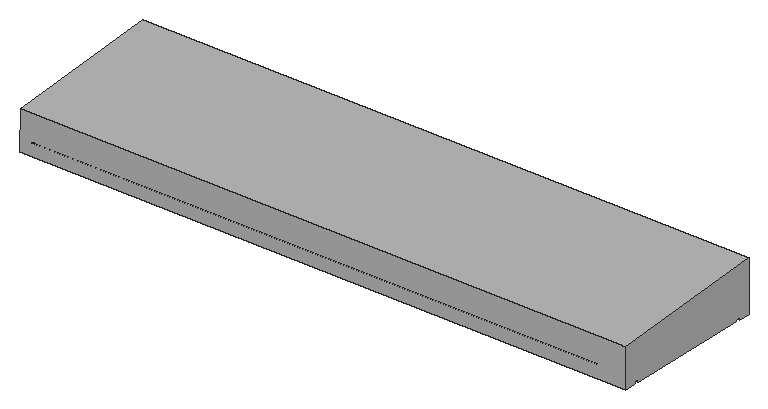
Revit family "WC112 Feather Edge", category Generic Models, Revit 2020
Family settings
  Can host rebar = No
  Round Connector Dimension = Use Diameter
  Part Type = Normal
  Work Plane-Based = No
  Always vertical = Yes
  Cut with Voids When Loaded = No
  Shared = No
  Room Calculation Point = No
Parameters
  Weight = "63Kg/M"
  Warranty Guarantor Parts = "n/a"
  Warranty Guarantor Labour = "n/a"
  Warranty Duration Unit = "n/a"
  Warranty Duration Parts = "n/a"
  Warranty Duration Labour = "n/a"
  Warranty Description = "n/a"
  Unit Width [instance] = 300 mm
  Unit Length [instance] = 1190 mm
  Unit Height [instance] = 100 mm
  URL = "www.killeshal.com"
  Types = "Single"
  Type Comments = "Visit our website for a full list of available products."
  Sustainability Performance = "n/a"
  Structural Class = "n/a"
  Span = "Unit Length"
  Slope = "0.00°"
  Size = "300mm x 100 to 75mm"
  Shape = "As per drawing"
  Service Life = "0.000000"
  Serial Number = "n/a"
  Resistance to Fire = "n/a"
  Replacement Cost = "n/a"
  Reference = "n/a"
  Notified Body = "n/a"
  Nominal Cover to Main Bar = "n/a"
  Model = "W/C 112 Wall Cap."
  Mechanical Resistance = "n/a"
  Manufacturer = "Killeshal Precast Concrete Ltd."
  Load Bearing = no
  Life Cycle Environmental Load = "n/a"
  Length Options = "Stock size 1190mm."
  Keynote = "The information contained is the sole property of KPC Ltd., any reproduction in part or whole without permission of KPC Ltd. is prohibited."
  Environmental Product Declaration = "n/a"
  Environmental Class = "n/a"
  Durability against Corrosion = "n/a"
  Dimension Accuracy Class = "n/a"
  Detailing = "As per design specification and product drawings."
  Description = "Feather Edge Wall Cap"
  Default Elevation = 0 mm
  Dangerous Substances = "n/a"
  Contact Tel = "0035357 9353018"
  Contact Email = "sales@killeshal.com"
  Construction Type = "Precast"
  Construction Tolerance Class = "n/a"
  Compressive Strength of Concrete = "n/a"
  Characteristics of Reinforcing Steel = "n/a"
  Characteristics Deflection Under Load = "n/a"
Reference planes
  plane 1 "Center (Front/Back)": y = 0
  plane 2: z = 0
  plane 3 "Center (Left/Right)": x = 0
  plane 4 "Rear": y = 150
  plane 5 "Front": y = -150
  plane 6 "Top": z = 100
  plane 7 "Center L/T": z = 75
  plane 8 "Center L/Y": y = 125
  plane 9 "Center L/Z": y = -125
Forms (mm)
  Extrusion 1, solid, material "Precast Concrete (KPC)"
    sketch origin (0, 0, 0) x (0, 1, 0) y (0, 0, 1)
      loop
        line (-150, 75) -> (-150, 0) -> (-130, 0)
        arc (-130, 0) -> (-125, 5) -> (-120, 0) r 5
        line (-120, 0) -> (120, 0)
        arc (120, 0) -> (125, 5) -> (130, 0) r 5
        line (130, 0) -> (150, 0) -> (150, 100) -> (-150, 75)
    from 0 to 1190
Dimensions and locks
  "Unit Length": Extrusion 1 to Extrusion 1
  "Unit Width": Extrusion 1 to Extrusion 1
  "Unit Height": plane 6 "Top" to Extrusion 1
  plane 7 "Center L/T" to Extrusion 1 = 75 mm
  aligned and locked: level to plane 2
Automatic sketch dimensions
  Extrusion 1 sketch curve to plane 5 "Front" = 0 mm
  Extrusion 1 sketch curve to level = 0 mm
  Extrusion 1 sketch curve to plane 9 "Center L/Z" = 0 mm
  Extrusion 1 sketch curve to plane 8 "Center L/Y" = 0 mm
  Extrusion 1 sketch curve to plane 4 "Rear" = 0 mm
  Extrusion 1 sketch curve to plane 7 "Center L/T" = 0 mm
  Extrusion 1 sketch curve to plane 6 "Top" = 0 mm
  Extrusion 1 sketch curve to Extrusion 1 sketch curve = 5 mm  (x2)
